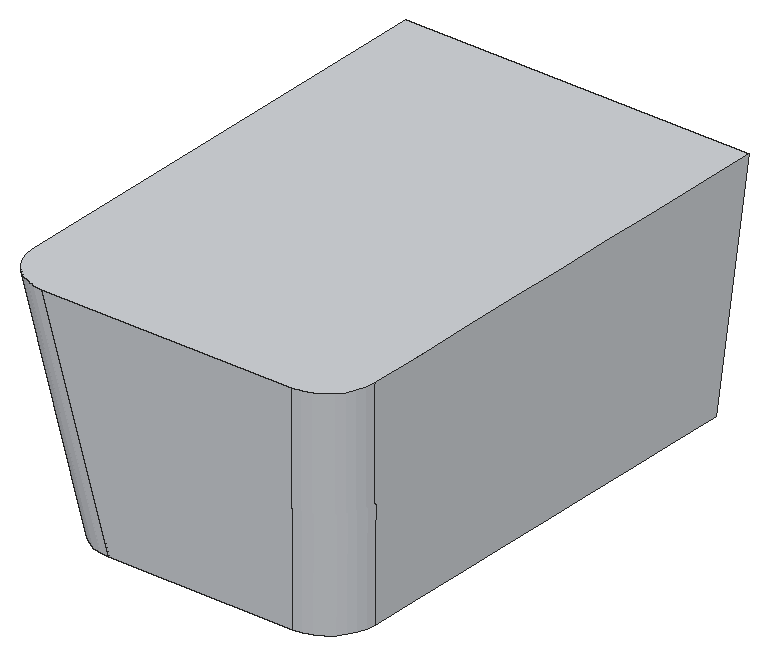
Revit family "toilets-hansgrohe-62022XXX-EluPura Q Wall hung WC 540 rimless, HygieneEffect", category Sanitärinstallationen, Revit 2022
Family settings
  Bemaßung runder Anschluss = Durchmesser verwenden
  Teiletyp = Normal
  OmniClass-Nummer = 23.45.00.00
  OmniClass-Titel = Sanitary, Laundry, and Cleaning Equipment
  Arbeitsebenenbasiert = Nein
  Immer vertikal = Ja
  Beim Laden mit Abzugskörper schneiden = Nein
  Beschriftungsausrichtung beibehalten = Nein
  Gemeinsam genutzt = Ja
  Raumberechnungspunkt = Nein
Parameters (values of type "62022-62022450-GLOSSY_WHITE-200")
  WIDTH = 360
  WEIGHT = 22
  Vorgabe-Ansicht = 0 mm
  UNICLASS_2015_CODE = "40_20_93_94"
  UNICLASS2015 = "Pr_40_20_93_94 | WC pans"
  SURFACE = "GLOSSY_WHITE"
  SPECIFICATION = "Surfaces:  - 62022450 White   Specification:  • material: ceramic  • SmartClean: dirt-repellent glaze • Made to fit NoiseReduction: customized soundproofing mat included • degree of gloss: glossy  • flushing type: wash-down  • rimless • concealed fastening • horizontal outlet • installation type: wall-mounted "
  REGIONSET = "Worldwide"
  PRODUCTURL = "https://pro.hansgrohe.com/articledetail--62022450"
  PERMALINK = "62022XXX"
  OMNICLASS = "23-31 19 00 | Toilets"
  OBJECTTYPE = "Object (single object)"
  NN = "EluPura Q Wall hung WC 540 rimless"
  NBSYN = "$BASENUMBER.-$ARTNR.-$SURFACE.-$LODLEVEL."
  NB = "62022-62022450-GLOSSY_WHITE-200"
  NAME = "EluPura Q Wall hung WC 540 rimless, HygieneEffect"
  Modell = "62022-62022450-GLOSSY_WHITE-200"
  Hersteller = "Hansgrohe"
  MIdent = "{$CADENAS_DATA/23d-libs/hansgrohe/elupura_toilet/elupura_q_wall_hung_wc_rimless.prj},239 {VTYP=3D},{NB=62022-62022450-GLOSSY_WHITE-200},{LINA=62022-62022450-GLOSSY_WHITE-200},{NN=EluPura Q Wall hung WC 540 rimless},{DATE=13.03.2023 13:13:28},{GEOMDATE=13.03.2023 13:13:00},{VERSION=},{LINEID=760},{WBVAR=LODLEVEL},{WBNUMERIC=}  {NB=62022-62022450-GLOSSY_WHITE-200},{LINA=62022-62022450-GLOSSY_WHITE-200},{KT=DUMMY},{IDNR=2},{ARTNR=62022450},{BASENUMBER=62022},{MODEL=62022XXX},{SURFACE=GLOSSY_WHITE},{LODLEVEL=200},{LODLEVELX='400','400','200','200'},{NAME=EluPura Q Wall hung WC 540 rimless, HygieneEffect},{PERMALINK=62022XXX},{OBJECTTYPE=Object (single object)},{BIMOBJECT=Sanitary: Toilets},{COLLECTIONSET=EluPura Q},{COLLECTION=toilets},{WIDTH=360.00},{HEIGHT=400.00},{DEPTH=540.00},{WEIGHT=22.00},{DESCRIPTION=EluPura Q Wall hung WC 540 rimless, HygieneEffect},{SPECIFICATION=Surfaces:  - 62022450 White   Specification:  • material: ceramic  • SmartClean: dirt-repellent glaze • Made to fit NoiseReduction: customized soundproofing mat included • degree of gloss: glossy  • flushing type: wash-down  • rimless • concealed fastening • horizontal outlet • installation type: wall-mounted },{PRODUCTURL=https://pro.hansgrohe.com/articledetail--62022450},{GTINCODE=4059625479582},{IFC=Furnishing element},{UNICLASS2015=Pr_40_20_93_94 | WC pans},{OMNICLASS=23-31 19 00 | Toilets},{REGIONSET=Worldwide},{DESIGN=Germany},{MANUFACTURER=Germany}"
  LODLEVEL = "200"
  LINA = "62022-62022450-GLOSSY_WHITE-200"
  IFC = "Furnishing element"
  IDNR = 2
  HEIGHT = 400
  GTINCODE = "4059625479582"
  DESIGN = "Germany"
  DEPTH = 540
  COLLECTIONSET = "EluPura Q"
  COLLECTION = "toilets"
  CNSPipeRound/CP_inlet_V = no
  CNSPipeRound/CP_Outlet_V = no
  CATALOG = "Hansgrohe"
  BIMOBJECT = "Sanitary: Toilets"
  BASENUMBER = "62022"
  ARTNR = "62022450"
  62022-62022450-GLOSSY_WHITE-400_RX0RY0RZ0TX0TY0TZ0_V = no
  62022-62022450-GLOSSY_WHITE-200_RX0RY0RZ0TX0TY0TZ0_V = yes
  60194-60194450-GLOSSY_WHITE-400_RX0RY0RZ0TX0TY0TZ0_V = no
  60194-60194450-GLOSSY_WHITE-200_RX0RY0RZ0TX0TY0TZ0_V = no
Types (2, lengths in mm): name | NB | Modell | MIdent | LODLEVEL | LINA | 62022-62022450-GLOSSY_WHITE-400_RX0RY0RZ0TX0TY0TZ0_V | 62022-62022450-GLOSSY_WHITE-200_RX0RY0RZ0TX0TY0TZ0_V
  62022-62022450-GLOSSY_WHITE-200 | "62022-62022450-GLOSSY_WHITE-200" | "62022-62022450-GLOSSY_WHITE-200" | "{$CADENAS_DATA/23d-libs/hansgrohe/elupura_toilet/elupura_q_wall_hung_wc_rimless.prj},239 {VTYP=3D},{NB=62022-62022450-GLOSSY_WHITE-200},{LINA=62022-62022450-GLOSSY_WHITE-200},{NN=EluPura Q Wall hung WC 540 rimless},{DATE=13.03.2023 13:13:28},{GEOMDATE=13.03.2023 13:13:00},{VERSION=},{LINEID=760},{WBVAR=LODLEVEL},{WBNUMERIC=}  {NB=62022-62022450-GLOSSY_WHITE-200},{LINA=62022-62022450-GLOSSY_WHITE-200},{KT=DUMMY},{IDNR=2},{ARTNR=62022450},{BASENUMBER=62022},{MODEL=62022XXX},{SURFACE=GLOSSY_WHITE},{LODLEVEL=200},{LODLEVELX='400','400','200','200'},{NAME=EluPura Q Wall hung WC 540 rimless, HygieneEffect},{PERMALINK=62022XXX},{OBJECTTYPE=Object (single object)},{BIMOBJECT=Sanitary: Toilets},{COLLECTIONSET=EluPura Q},{COLLECTION=toilets},{WIDTH=360.00},{HEIGHT=400.00},{DEPTH=540.00},{WEIGHT=22.00},{DESCRIPTION=EluPura Q Wall hung WC 540 rimless, HygieneEffect},{SPECIFICATION=Surfaces:  - 62022450 White   Specification:  • material: ceramic  • SmartClean: dirt-repellent glaze • Made to fit NoiseReduction: customized soundproofing mat included • degree of gloss: glossy  • flushing type: wash-down  • rimless • concealed fastening • horizontal outlet • installation type: wall-mounted },{PRODUCTURL=https://pro.hansgrohe.com/articledetail--62022450},{GTINCODE=4059625479582},{IFC=Furnishing element},{UNICLASS2015=Pr_40_20_93_94 | WC pans},{OMNICLASS=23-31 19 00 | Toilets},{REGIONSET=Worldwide},{DESIGN=Germany},{MANUFACTURER=Germany}" | "200" | "62022-62022450-GLOSSY_WHITE-200" | no | yes
  62022-62022450-GLOSSY_WHITE-400 | "62022-62022450-GLOSSY_WHITE-400" | "62022-62022450-GLOSSY_WHITE-400" | "{$CADENAS_DATA/23d-libs/hansgrohe/elupura_toilet/elupura_q_wall_hung_wc_rimless.prj},239 {VTYP=3D},{NB=62022-62022450-GLOSSY_WHITE-400},{LINA=62022-62022450-GLOSSY_WHITE-400},{NN=EluPura Q Wall hung WC 540 rimless},{DATE=13.03.2023 13:13:28},{GEOMDATE=13.03.2023 13:13:00},{VERSION=},{LINEID=760},{WBVAR=LODLEVEL},{WBNUMERIC=}  {NB=62022-62022450-GLOSSY_WHITE-400},{LINA=62022-62022450-GLOSSY_WHITE-400},{KT=DUMMY},{IDNR=2},{ARTNR=62022450},{BASENUMBER=62022},{MODEL=62022XXX},{SURFACE=GLOSSY_WHITE},{LODLEVEL=400},{LODLEVELX='400','400','200','200'},{NAME=EluPura Q Wall hung WC 540 rimless, HygieneEffect},{PERMALINK=62022XXX},{OBJECTTYPE=Object (single object)},{BIMOBJECT=Sanitary: Toilets},{COLLECTIONSET=EluPura Q},{COLLECTION=toilets},{WIDTH=360.00},{HEIGHT=400.00},{DEPTH=540.00},{WEIGHT=22.00},{DESCRIPTION=EluPura Q Wall hung WC 540 rimless, HygieneEffect},{SPECIFICATION=Surfaces:  - 62022450 White   Specification:  • material: ceramic  • SmartClean: dirt-repellent glaze • Made to fit NoiseReduction: customized soundproofing mat included • degree of gloss: glossy  • flushing type: wash-down  • rimless • concealed fastening • horizontal outlet • installation type: wall-mounted },{PRODUCTURL=https://pro.hansgrohe.com/articledetail--62022450},{GTINCODE=4059625479582},{IFC=Furnishing element},{UNICLASS2015=Pr_40_20_93_94 | WC pans},{OMNICLASS=23-31 19 00 | Toilets},{REGIONSET=Worldwide},{DESIGN=Germany},{MANUFACTURER=Germany}" | "400" | "62022-62022450-GLOSSY_WHITE-400" | yes | no
Reference planes
  plane 1 "Center (Front/Back)": y = 0
  plane 2: z = 0
  plane 3 "Center (Left/Right)": x = 0
Dimensions and locks
  aligned and locked: level to plane 2
Nested families
  nested 1: "60194-60194450-glossy_white-200_content" at (0, 0, 0), visible <- "60194-60194450-GLOSSY_WHITE-200_RX0RY0RZ0TX0TY0TZ0_V", ContentVisible <- "60194-60194450-GLOSSY_WHITE-200_RX0RY0RZ0TX0TY0TZ0_V", type "60194-60194450-GLOSSY_WHITE-200_Content"
    with ContentVisible no
  nested 2: "60194-60194450-glossy_white-400_content" at (0, 0, 0), visible <- "60194-60194450-GLOSSY_WHITE-400_RX0RY0RZ0TX0TY0TZ0_V", ContentVisible <- "60194-60194450-GLOSSY_WHITE-400_RX0RY0RZ0TX0TY0TZ0_V", type "60194-60194450-GLOSSY_WHITE-400_Content"
    with ContentVisible no
  nested 3: "62022-62022450-glossy_white-200_content" at (0, 0, 0), visible <- "62022-62022450-GLOSSY_WHITE-200_RX0RY0RZ0TX0TY0TZ0_V", ContentVisible <- "62022-62022450-GLOSSY_WHITE-200_RX0RY0RZ0TX0TY0TZ0_V", type "62022-62022450-GLOSSY_WHITE-200_Content"
    with ContentVisible yes
  nested 4: "62022-62022450-glossy_white-400_content" at (0, 0, 0), visible <- "62022-62022450-GLOSSY_WHITE-400_RX0RY0RZ0TX0TY0TZ0_V", ContentVisible <- "62022-62022450-GLOSSY_WHITE-400_RX0RY0RZ0TX0TY0TZ0_V", type "62022-62022450-GLOSSY_WHITE-400_Content"
    with ContentVisible no
  nested 5: "ConnectorHost2019" at (0, 0, 165), visible <- "CNSPipeRound/CP_Outlet_V", type "ConnectorHost2019"
    with Visible no, TransZ 0 mm, TransY 0 mm, TransX 0 mm, ScaleZ 1 mm, ScaleY 1 mm, ScaleX 1 mm, RotZ 360.00°, RotY 360.00°, RotX 270.00°
  nested 6: "ConnectorHost2019" at (-1, 0, 165), visible <- "CNSPipeRound/CP_inlet_V", type "ConnectorHost2019"
    with Visible no, TransZ 110 mm, TransY 0 mm, TransX 1 mm, ScaleZ 1 mm, ScaleY 1 mm, ScaleX 1 mm, RotZ 360.00°, RotY 360.00°, RotX 270.00°
Connectors
  piping at (0, 0, 165), diameter 102
    settings: on nested 5, index 1, connector inside diameter 609.6 mm, connector length 0 mm, flow factor 0, pipe flow 0.0 L/s, pressure drop 0.0 Pa, fitting loss kfactor 0, connector angle 0.00°, fixture units 0, engagement length 0 mm, angle of deflection 0.00°, flow configuration 0, flow direction 2, fitting loss method 0, system type 7, joint type 0, gender type 0, connector reference index -1, connector utility 0, adjustable connector no, is connector primary yes, connector description ""
  piping at (0, 0, 275), diameter 55
    settings: on nested 6, index 2, connector inside diameter 609.6 mm, connector length 0 mm, flow factor 0, pipe flow 0.0 L/s, pressure drop 0.0 Pa, fitting loss kfactor 0, connector angle 0.00°, fixture units 0, engagement length 0 mm, angle of deflection 0.00°, flow configuration 0, flow direction 1, fitting loss method 0, system type 29, joint type 0, gender type 0, connector reference index -1, connector utility 0, adjustable connector no, is connector primary no, connector description ""
Definition of nested family "62022-62022450-glossy_white-200_content"
  Parameters (values of type "62022-62022450-GLOSSY_WHITE-200_Content")
    WIDTH = 360
    WEIGHT = 22
    UNICLASS_2015_CODE = "40_20_93_94"
    UNICLASS2015 = "Pr_40_20_93_94 | WC pans"
    SURFACE = "GLOSSY_WHITE"
    SPECIFICATION = "Surfaces:  - 62022450 White   Specification:  • material: ceramic  • SmartClean: dirt-repellent glaze • Made to fit NoiseReduction: customized soundproofing mat included • degree of gloss: glossy  • flushing type: wash-down  • rimless • concealed fastening • horizontal outlet • installation type: wall-mounted "
    REGIONSET = "Worldwide"
    PRODUCTURL = "https://pro.hansgrohe.com/articledetail--62022450"
    PERMALINK = "62022XXX"
    OMNICLASS = "23-31 19 00 | Toilets"
    OBJECTTYPE = "Object (single object)"
    NN = "EluPura Q Wall hung WC 540 rimless"
    NBSYN = "$BASENUMBER.-$ARTNR.-$SURFACE.-$LODLEVEL."
    NB = "62022-62022450-GLOSSY_WHITE-200"
    NAME = "EluPura Q Wall hung WC 540 rimless, HygieneEffect"
    Model = "62022-62022450-GLOSSY_WHITE-200"
    Manufacturer = "Hansgrohe"
    LODLEVEL = "200"
    LINA = "62022-62022450-GLOSSY_WHITE-200"
    IFC = "Furnishing element"
    IDNR = 2
    HEIGHT = 400
    GTINCODE = "4059625479582"
    Default Elevation = 1219.2 mm
    DESIGN = "Germany"
    DEPTH = 540
    ContentVisible [instance] = yes
    COLLECTIONSET = "EluPura Q"
    COLLECTION = "toilets"
    CATALOG = "Hansgrohe"
    BIMOBJECT = "Sanitary: Toilets"
    BASENUMBER = "62022"
    ARTNR = "62022450"
  Reference planes
    plane 1 "Center (Front/Back)": y = 0
    plane 2: z = 0
    plane 3 "Center (Left/Right)": x = 0
  Forms (mm)
    Blend 1, solid, visible <- "ContentVisible", detail levels medium+fine
      base sketch origin (0, 0, 60) x (1, 0, 0) y (0, 1, 0)
        loop
          line (145.5, -447.2) -> (145.5, 0) -> (-145.5, 0) -> (-145.5, -447.2)
          arc (-145.5, -447.2) -> (-131.353, -481.353) -> (-97.2, -495.5) r 48.3
          line (-97.2, -495.5) -> (97.2, -495.5)
          arc (97.2, -495.5) -> (131.353, -481.353) -> (145.5, -447.2) r 48.3
      top sketch origin (0, 0, 60) x (1, 0, 0) y (0, 1, 0)
        loop
          line (180.045, -491.72) -> (180.25, 0) -> (-180.25, 0) -> (-180.045, -491.72)
          arc (-180.045, -491.72) -> (-165.891, -525.86) -> (-131.745, -540) r 48.3
          line (-131.745, -540) -> (131.745, -540)
          arc (131.745, -540) -> (165.891, -525.86) -> (180.045, -491.72) r 48.3
      from 0 to 260
    Extrusion 2, solid, visible <- "ContentVisible", detail levels medium+fine
      sketch origin (0, 0, 0) x (0, 0, -1) y (0, 1, 0)
        loop
          line (-65, -170) -> (-65, -337.9)
          arc (-65, -337.9) -> (-20.07, -309.702) -> (0, -260.6) r 86.628
          line (0, -260.6) -> (0, -247.3)
          arc (0, -247.3) -> (-20.07, -198.198) -> (-65, -170) r 86.628
      from -51 to 51
    Extrusion 3, solid, visible <- "ContentVisible", detail levels coarse
      sketch origin (0, -270, 0) x (1, 0, 0) y (0, 1, 0)
        loop
          line (-180.25, -270) -> (180.25, -270) -> (180.25, 270) -> (-180.25, 270) -> (-180.25, -270)
      from 0 to 320
  Dimensions and locks
    aligned and locked: level to plane 2
Definition of nested family "60194-60194450-glossy_white-200_content"
  Parameters (values of type "60194-60194450-GLOSSY_WHITE-200_Content")
    WIDTH = 360
    WEIGHT = 22
    UNICLASS_2015_CODE = "40_20_93_94"
    UNICLASS2015 = "Pr_40_20_93_94 | WC pans"
    SURFACE = "GLOSSY_WHITE"
    SPECIFICATION = "Surfaces:  - 60194450 White   Specification:  • material: ceramic  • Made to fit NoiseReduction: customized soundproofing mat included • degree of gloss: glossy  • flushing type: wash-down  • rimless • concealed fastening • horizontal outlet • installation type: wall-mounted "
    REGIONSET = "Worldwide"
    PRODUCTURL = "https://pro.hansgrohe.com/articledetail--60194450"
    PERMALINK = "60194XXX"
    OMNICLASS = "23-31 19 00 | Toilets"
    OBJECTTYPE = "Object (single object)"
    NN = "EluPura Q Wall hung WC 540 rimless"
    NBSYN = "$BASENUMBER.-$ARTNR.-$SURFACE.-$LODLEVEL."
    NB = "60194-60194450-GLOSSY_WHITE-200"
    NAME = "EluPura Q Wall hung WC 540 rimless"
    Model = "60194-60194450-GLOSSY_WHITE-200"
    Manufacturer = "Hansgrohe"
    LODLEVEL = "200"
    LINA = "60194-60194450-GLOSSY_WHITE-200"
    IFC = "Furnishing element"
    IDNR = 1
    HEIGHT = 400
    GTINCODE = "4059625479711"
    Default Elevation = 1219.2 mm
    DESIGN = "Germany"
    DEPTH = 540
    ContentVisible [instance] = yes
    COLLECTIONSET = "EluPura Q"
    COLLECTION = "toilets"
    CATALOG = "Hansgrohe"
    BIMOBJECT = "Sanitary: Toilets"
    BASENUMBER = "60194"
    ARTNR = "60194450"
  Reference planes
    plane 1 "Center (Front/Back)": y = 0
    plane 2: z = 0
    plane 3 "Center (Left/Right)": x = 0
  Forms (mm)
    Blend 1, solid, visible <- "ContentVisible", detail levels medium+fine
      base sketch origin (0, 0, 60) x (1, 0, 0) y (0, 1, 0)
        loop
          line (145.5, -447.2) -> (145.5, 0) -> (-145.5, 0) -> (-145.5, -447.2)
          arc (-145.5, -447.2) -> (-131.353, -481.353) -> (-97.2, -495.5) r 48.3
          line (-97.2, -495.5) -> (97.2, -495.5)
          arc (97.2, -495.5) -> (131.353, -481.353) -> (145.5, -447.2) r 48.3
      top sketch origin (0, 0, 60) x (1, 0, 0) y (0, 1, 0)
        loop
          line (180.045, -491.72) -> (180.25, 0) -> (-180.25, 0) -> (-180.045, -491.72)
          arc (-180.045, -491.72) -> (-165.891, -525.86) -> (-131.745, -540) r 48.3
          line (-131.745, -540) -> (131.745, -540)
          arc (131.745, -540) -> (165.891, -525.86) -> (180.045, -491.72) r 48.3
      from 0 to 260
    Extrusion 2, solid, visible <- "ContentVisible", detail levels medium+fine
      sketch origin (0, 0, 0) x (0, 0, -1) y (0, 1, 0)
        loop
          line (-65, -170) -> (-65, -337.9)
          arc (-65, -337.9) -> (-20.07, -309.702) -> (0, -260.6) r 86.628
          line (0, -260.6) -> (0, -247.3)
          arc (0, -247.3) -> (-20.07, -198.198) -> (-65, -170) r 86.628
      from -51 to 51
    Extrusion 3, solid, visible <- "ContentVisible", detail levels coarse
      sketch origin (0, -270, 0) x (1, 0, 0) y (0, 1, 0)
        loop
          line (-180.25, -270) -> (180.25, -270) -> (180.25, 270) -> (-180.25, 270) -> (-180.25, -270)
      from 0 to 320
  Dimensions and locks
    aligned and locked: level to plane 2
